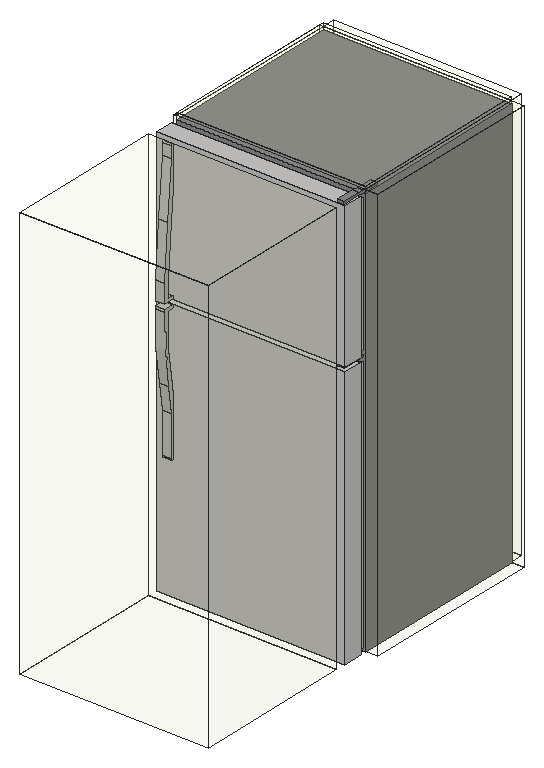
Revit family "WRT549SZDM_030c_Refrigeration_Top_Mount", category Specialty Equipment, Revit 2026
Family settings
  Round Connector Dimension = Use Diameter
  Part Type = Normal
  Work Plane-Based = No
  Enable Cutting in Views = No
  Always vertical = Yes
  Cut with Voids When Loaded = No
  Maintain Annotation Orientation = No
  Shared = No
  Room Calculation Point = No
Parameters (values of type "WRT549SZDM")
  Width = 29 3/4"
  Warranty Duration (Years) = "One year limited"
  Voltage = 120 V
  URL = "https://www.whirlpool.com/kitchen/refrigeration/refrigerators/top-freezer/p.30-inch-wide-top-freezer-refrigerator-19-cu.-ft.wrt549szdm.html"
  Specification = ""
  SpecWizard = ""
  Show Clearance [instance] = yes
  Send Message = ""
  Sales Information = "https://www.whirlpool.com/kitchen/refrigeration/refrigerators/top-freezer/p.30-inch-wide-top-freezer-refrigerator-19-cu.-ft.wrt549szdm.html"
  Product Data = "https://www.whirlpool.com/content/dam/global/documents/201505/dimension-guide-W10669181-D-WH.pdf"
  Model = "WRT549FZDM"
  Manufacturer Website = ""
  Manufacturer Phone - Toll Free = ""
  Manufacturer Phone = ""
  Manufacturer Fax = ""
  Manufacturer Email = ""
  Manufacturer Address = ""
  Manufacturer = "Whirlpool"
  Maintenance Schedule (Months) = "NA"
  Leg Material = ARCAT - Metal - Steel - Black
  Installation-Fabrication = "https://www.whirlpool.com/content/dam/global/documents/201505/dimension-guide-W10669181-D-WH.pdf"
  Installation Phase = "NA"
  Height = 65 7/8"
  Handle Material = ARCAT - Metal - Steel - Grey
  HW size = 0"
  Family Name = "Top Mount Refrigerator"
  Expected Lifespan (Years) = "NA"
  Exhaust size = 0"
  Drawn By = ""
  Drain size = 0"
  Door Material = ARCAT - Metal - Steel - Stainless
  Description = "Whirlpool® 30-inch Wide Top Freezer Refrigerator - 19 cu. ft."
  Depth = 34 1/2"
  Default Elevation = 0"
  Copyright = ""
  Clearance Material = ARCAT - Clearance
  CW size = 0"
  Body Material = ARCAT - Metal - Steel - Black
  Apparent Load = 0 VA
  Amps = 15 A
Reference planes (in)
  plane 1 "Center (Front/Back)": y = 0
  plane 2: z = 0
  plane 3 "Center (Left/Right)": x = 0
  plane 4: z = 65.875
  plane 5: x = -14.875
  plane 6: x = 14.875
  plane 7: y = -2
  plane 8: y = -36.5
Forms (in)
  Extrusion 1, solid, material "ARCAT - Clearance" <- "Clearance Material", visible <- "Show Clearance", detail levels medium+fine
    sketch origin (63.95747, -180.25, 0) x (-1, 0, 0) y (0, -1, 0)
      loop
        line (49.08247, -143.75) -> (78.83247, -143.75) -> (78.83247, -118.375) -> (49.08247, -118.375) -> (49.08247, -143.75)
    from 0.5 to 65.875
  Extrusion 2, solid, material "ARCAT - Clearance" <- "Clearance Material", visible <- "Show Clearance", detail levels medium+fine
    sketch origin (63.95747, -149.5, 0) x (-1, 0, 0) y (0, -1, 0)
      loop
        line (49.08247, -149.5) -> (78.83247, -149.5) -> (78.83247, -147.5) -> (49.08247, -147.5) -> (49.08247, -149.5)
    from 0.5 to 65.875
  Extrusion 3, solid, material "ARCAT - Clearance" <- "Clearance Material", visible <- "Show Clearance", detail levels medium+fine
    sketch origin (91.95747, -164.38786, 0) x (-1, 0, 0) y (0, -1, 0)
      loop
        line (75.08247, -162.38786) -> (77.08247, -162.38786) -> (77.08247, -133.51286) -> (75.08247, -133.51286) -> (75.08247, -162.38786)
    from 0.5 to 65.875
  Extrusion 4, solid, material "ARCAT - Metal - Steel - Black" <- "Body Material"
    sketch origin (0, -3.25, 0) x (1, 0, 0) y (0, 1, 0)
      loop
        line (-14.875, 1.125) -> (-14.875, -27.625) -> (14.875, -27.625) -> (14.875, 1.125) -> (-14.875, 1.125)
    from 0.5 to 65.375
  Extrusion 5, solid, material "ARCAT - Metal - Steel - Black" <- "Body Material"
    sketch origin (-14.875, -2.125, 0) x (1, 0, 0) y (0, 0, -1)
      loop
        line (2, -0.5) -> (2, -1.5) -> (1, -1.5) -> (1, -10)
        arc (1, -10) -> (1.14645, -10.35355) -> (1.5, -10.5) r 0.5
        line (1.5, -10.5) -> (28.25, -10.5)
        arc (28.25, -10.5) -> (28.60355, -10.35355) -> (28.75, -10) r 0.5
        line (28.75, -10) -> (28.75, -1.5) -> (27.75, -1.5) -> (27.75, -0.5) -> (2, -0.5)
    from 0 to 0.125
  Extrusion 6, solid, material "ARCAT - Metal - Steel - Black" <- "Body Material"
    sketch origin (-27.7996, -2, -9.83077) x (1, 0, 0) y (0, 0, -1)
      loop
        circle (27.7996, -11.70577) r 0.25
    from 0 to 0.03125
  Extrusion 7, solid, material "ARCAT - Metal - Steel - Black" <- "Leg Material"
    sketch origin (4.68238, 17.14858, 0.5) x (1, 0, 0) y (0, -1, 0)
      loop
        circle (-17.05738, 21.14858) r 0.75
    from 0 to 0.5
  Extrusion 8, solid, material "ARCAT - Metal - Steel - Black" <- "Leg Material"
    sketch origin (-4.68238, 17.14858, 0.5) x (1, 0, 0) y (0, -1, 0)
      loop
        circle (17.05738, 21.14858) r 0.75
    from 0 to 0.5
  Extrusion 9, solid, material "ARCAT - Metal - Steel - Black" <- "Leg Material"
    sketch origin (4.68238, -6.72642, 0.5) x (1, 0, 0) y (0, -1, 0)
      loop
        circle (-17.05738, 22.39858) r 0.75
    from 0 to 0.5
  Extrusion 10, solid, material "ARCAT - Metal - Steel - Black" <- "Leg Material"
    sketch origin (-4.68238, -6.72642, 0.5) x (1, 0, 0) y (0, -1, 0)
      loop
        circle (17.05738, 22.39858) r 0.75
    from 0 to 0.5
  Extrusion 11, solid, material "ARCAT - Metal - Steel - Black" <- "Body Material"
    sketch origin (-15.5, -2.25, 0) x (1, 0, 0) y (0, 0, -1)
      loop
        line (29.375, -0.5) -> (29.375, -64.375) -> (1.625, -64.375) -> (1.625, -0.5) -> (0.625, -0.5) -> (0.625, -65.375) -> (30.375, -65.375) -> (30.375, -0.5) -> (29.375, -0.5)
    from 0.125 to 0.25
  Extrusion 12, solid, material "ARCAT - Clearance" <- "Clearance Material", visible <- "Show Clearance", detail levels medium+fine
    sketch origin (60.20747, -164.38786, 0) x (-1, 0, 0) y (0, -1, 0)
      loop
        line (75.08247, -162.38786) -> (75.58247, -162.38786) -> (75.58247, -133.51286) -> (75.08247, -133.51286) -> (75.08247, -162.38786)
    from 0.5 to 65.875
  Extrusion 13, solid, material "ARCAT - Clearance" <- "Clearance Material", visible <- "Show Clearance", detail levels medium+fine
    sketch origin (-43.0625, -164.38786, -9.20747) x (0, 0, 1) y (0, -1, 0)
      loop
        line (75.08247, -162.38786) -> (75.58247, -162.38786) -> (75.58247, -133.51286) -> (75.08247, -133.51286) -> (75.08247, -162.38786)
    from 28.1875 to 57.9375
  Extrusion 14, solid, material "ARCAT - Metal - Steel - Grey" <- "Handle Material"
    sketch origin (-13.8125, -4.875, 38.625) x (0, 0, 1) y (0, 1, 0)
      loop
        line (4, -30) -> (4, -31.625) -> (6.91825, -31.625)
        arc (6.91825, -31.625) -> (11.13159, -31.4722) -> (15.32279, -31.01462) r 58.16799
        arc (15.32279, -31.01462) -> (19.6529, -30.50823) -> (24.00487, -30.25) r 76.29092
        arc (24.00487, -30.25) -> (24.87987, -30.23657) -> (25.75487, -30.25) r 28.51545
        arc (25.75487, -30.25) -> (25.93391, -30.17904) -> (26.00487, -30) r 0.24267
        line (26.00487, -30) -> (19.72535, -30)
        arc (19.72535, -30) -> (17.48414, -30.22711) -> (15.25055, -30.51987) r 76.79092
        arc (15.25055, -30.51987) -> (11.09537, -30.97352) -> (6.91825, -31.125) r 57.66799
        line (6.91825, -31.125) -> (4.5, -31.125) -> (4.5, -30) -> (4, -30)
    from 0 to -1.5
  Extrusion 15, solid, material "ARCAT - Metal - Steel - Grey" <- "Handle Material"
    sketch origin (-13.8125, -4.875, 46.25) x (0, 0, -1) y (0, -1, 0)
      loop
        line (4.375, 30) -> (4.875, 30) -> (4.875, 31.12982)
        arc (4.875, 31.12982) -> (10.23688, 31.03828) -> (15.54569, 30.28021) r 43.00949
        arc (15.54569, 30.28021) -> (16.33919, 30.12821) -> (17.13688, 30) r 27.01422
        line (17.13688, 30) -> (26.37987, 30)
        arc (26.37987, 30) -> (26.31023, 30.18036) -> (26.12987, 30.25) r 0.23871
        arc (26.12987, 30.25) -> (22.9345, 30.17251) -> (19.73913, 30.25) r 65.9248
        arc (19.73913, 30.25) -> (17.68299, 30.43021) -> (15.64709, 30.76982) r 26.51422
        arc (15.64709, 30.76982) -> (10.24451, 31.53925) -> (4.78812, 31.62635) r 43.50949
        arc (4.78812, 31.62635) -> (4.58156, 31.62152) -> (4.375, 31.62635) r 4.41619
        line (4.375, 31.62635) -> (4.375, 30)
    from 0 to -1.5
  Extrusion 16, solid, material "ARCAT - Metal - Steel - Stainless" <- "Door Material"
    sketch origin (0, -7, 58.5) x (1, 0, 0) y (0, 1, 0)
      loop
        line (-14.875, -24.875) -> (-14.875, -27.875) -> (14.875, -27.875) -> (14.875, -24.875) -> (-14.875, -24.875)
    from -15.875 to 6.875
  Extrusion 17, solid, material "ARCAT - Metal - Steel - Stainless" <- "Door Material"
    sketch origin (0, -7, 35.5) x (1, 0, 0) y (0, 1, 0)
      loop
        line (-14.875, -24.875) -> (-14.875, -27.875) -> (14.875, -27.875) -> (14.875, -24.875) -> (-14.875, -24.875)
    from -35 to 6.375
  Extrusion 18, solid, material "ARCAT - Metal - Steel - Black" <- "Body Material"
    sketch origin (0.5, -7, 65.375) x (1, 0, 0) y (0, 1, 0)
      loop
        circle (13.625, -26.8125) r 0.25
    from 0 to 0.125
  Extrusion 19, solid, material "ARCAT - Metal - Steel - Black" <- "Body Material"
    sketch origin (13.625, 1.5, 48) x (0, 1, 0) y (0, 0, 1)
      loop
        line (-36.375, 17.5) -> (-33.375, 17.5)
        arc (-33.375, 17.5) -> (-32.87111, 17.46863) -> (-32.375, 17.375) r 4.0625
        line (-32.375, 17.375) -> (-29.83968, 17.375) -> (-29.83968, 17.75) -> (-32.375, 17.75)
        arc (-32.375, 17.75) -> (-32.87111, 17.84363) -> (-33.375, 17.875) r 4.0625
        line (-33.375, 17.875) -> (-36.375, 17.875) -> (-36.375, 17.5)
    from 0 to 1
  Extrusion 20, solid, material "ARCAT - Metal - Steel - Black" <- "Body Material"
    sketch origin (0.28125, -7, 42.125) x (1, 0, 0) y (0, 1, 0)
      loop
        circle (13.625, -26.8125) r 0.25
    from -0.25 to 0.5
  Extrusion 21, solid, material "ARCAT - Metal - Steel - Black" <- "Body Material"
    sketch origin (13.40625, 1.5, 24.5625) x (0, 1, 0) y (0, 0, 1)
      loop
        line (-35.93026, 17.5) -> (-32.375, 17.5) -> (-32.375, 17.875) -> (-35.93026, 17.875) -> (-35.93026, 17.5)
    from 0 to 1
  Extrusion 22, solid, material "ARCAT - Metal - Steel - Stainless" <- "Door Material"
    sketch origin (0, -7, 58.5) x (1, 0, 0) y (0, 1, 0)
      loop
        line (14.375, -23.875) -> (-14.375, -23.875) -> (-14.375, -24.875) -> (14.375, -24.875) -> (14.375, -23.875)
    from -15.375 to 6.125
  Extrusion 23, solid, material "ARCAT - Metal - Steel - Stainless" <- "Door Material"
    sketch origin (0, -7, 35.5) x (1, 0, 0) y (0, 1, 0)
      loop
        line (14.375, -23.875) -> (-14.375, -23.875) -> (-14.375, -24.875) -> (14.375, -24.875) -> (14.375, -23.875)
    from -34.5 to 5.875
Cuts and joins
  joined: Extrusion 4, Extrusion 11
Lines and regions (in)
  model lines
    curve 1: line (10.5, -2, 2.125) -> (10.5, -2, 9.75)
    curve 2: line (12.29009, -2, 9.75) -> (12.29009, -2, 2.125)
    curve 3: line (12.29009, -2, 2.125) -> (10.5, -2, 2.125)
    curve 7: line (10.5, -2, 9.75) -> (12.29009, -2, 9.75)
    curve 8: line (8.25, -2, 2.125) -> (8.25, -2, 9.75)
    curve 9: line (10.04009, -2, 9.75) -> (10.04009, -2, 2.125)
    curve 10: line (10.04009, -2, 2.125) -> (8.25, -2, 2.125)
    curve 11: line (8.25, -2, 9.75) -> (10.04009, -2, 9.75)
    curve 12: line (6, -2, 2.125) -> (6, -2, 9.75)
    curve 13: line (7.79009, -2, 9.75) -> (7.79009, -2, 2.125)
    curve 14: line (7.79009, -2, 2.125) -> (6, -2, 2.125)
    curve 15: line (6, -2, 9.75) -> (7.79009, -2, 9.75)
    curve 16: line (-11.99733, -2, 2.125) -> (-11.99733, -2, 9.75)
    curve 17: line (-9.95724, -2, 9.75) -> (-9.95724, -2, 2.125)
    curve 18: line (-9.95724, -2, 2.125) -> (-11.99733, -2, 2.125)
    curve 19: line (-11.99733, -2, 9.75) -> (-9.95724, -2, 9.75)
    curve 20: line (-9.62233, -2, 2.125) -> (-9.62233, -2, 9.75)
    curve 21: line (-7.58224, -2, 9.75) -> (-7.58224, -2, 2.125)
    curve 22: line (-7.58224, -2, 2.125) -> (-9.62233, -2, 2.125)
    curve 23: line (-9.62233, -2, 9.75) -> (-7.58224, -2, 9.75)
    curve 24: circle (-9.812, -2.125, 62.0969) r 0.5 normal (0, 1, 0)
  symbolic lines
    curve 4: line (-14.875, -2, 0) -> (14.875, -2, 0)
    curve 5: line (-14.875, -34.875, 0) -> (-14.875, -2, 0)
    curve 6: line (14.875, -2, 0) -> (14.875, -34.875, 0)
  symbolic lines, style "SpecialityEquipment"
    curve 25: line (-14.875, -34.875, 65.75) -> (14.875, -34.875, 65.75)
    curve 26: line (-13.8125, -34.875, 65.75) -> (-13.8125, -36.5, 65.75)
    curve 27: line (-13.8125, -36.5, 65.75) -> (-12.3125, -36.5, 65.75)
    curve 28: line (-12.3125, -36.5, 65.75) -> (-12.3125, -34.875, 65.75)
Dimensions and locks (in)
  "Height": plane 4 to plane 2
  equal spacing: plane 5, plane 3 "Center (Left/Right)", plane 6
  "Width": plane 5 to plane 6
  "Depth": plane 8 to plane 7
  aligned and locked: plane 2 to level
Automatic sketch dimensions
  curve 5 to plane 5 = 0"
  curve 6 to plane 6 = 0"
  plane 7 to curve 5 = 0"
  curve 6 to plane 8 = 1 5/8"
  curve 5 to plane 8 = 1 5/8"
  Extrusion 1 sketch curve to plane 6 = 0"
  Extrusion 1 sketch curve to plane 5 = 0"
  plane 8 to Extrusion 1 sketch curve = 0"
  plane 8 to Extrusion 1 sketch curve = 25 3/8"
  Extrusion 2 sketch curve to plane 6 = 0"
  Extrusion 2 sketch curve to plane 5 = 0"
  plane 1 "Center (Front/Back)" to Extrusion 2 sketch curve = 0"
  plane 7 to Extrusion 2 sketch curve = 0"
  Extrusion 3 sketch curve to plane 8 = 5 5/8"
  plane 7 to Extrusion 3 sketch curve = 0"
  Extrusion 3 sketch curve to plane 6 = 0"
  Extrusion 3 sketch curve to plane 6 = 2"
  Extrusion 4 sketch curve to plane 5 = 0"
  Extrusion 4 sketch curve to plane 6 = 0"
  Extrusion 4 sketch curve to plane 8 = 5 5/8"
  plane 7 to Extrusion 4 sketch curve = 1/8"
  Extrusion 5 sketch curve to Extrusion 4 = 0"
  Extrusion 5 sketch curve to Extrusion 4 = 1"
  Extrusion 5 sketch curve to Extrusion 5 sketch curve = 1/2"  (x2)
  Extrusion 5 sketch curve to Extrusion 5 sketch curve = 1"
  Extrusion 5 sketch curve to Extrusion 4 = 2"
  Extrusion 5 sketch curve to Extrusion 4 = 1 1/2"
  Extrusion 4 to Extrusion 5 sketch curve = 1"  (x2)
  Extrusion 5 sketch curve to Extrusion 5 sketch curve = 8 1/2"
  plane 6 to Extrusion 6 sketch curve = 14 7/8"
  level to Extrusion 6 sketch curve = 1 7/8"
  curve 16 to Extrusion 5 = 0.87767"
  curve 17 to Extrusion 5 = 5/8"
  curve 16 to curve 17 = 2.04009"
  curve 17 to curve 20 = 0.33491"
  curve 21 to Extrusion 5 = 5/8"
  curve 20 to curve 21 = 2.04009"
  curve 12 to Extrusion 5 = 3/4"
  curve 12 to Extrusion 5 = 6 7/8"
  curve 14 to Extrusion 5 = 5/8"
  curve 12 to curve 14 = 1.79009"
  curve 13 to curve 11 = 0.45991"
  curve 9 to Extrusion 5 = 3/4"
  curve 8 to curve 9 = 1.79009"
  curve 9 to curve 1 = 0.45991"
  curve 2 to Extrusion 5 = 0.58491"
  curve 19 to Extrusion 5 = 3/4"
  curve 7 to Extrusion 5 = 3/4"
  curve 20 to curve 17 = 0"
  curve 10 to curve 13 = 0"
  curve 3 to curve 9 = 0"
  plane 5 to Extrusion 7 sketch curve = 2 1/2"
  plane 7 to Extrusion 7 sketch curve = 2"
  plane 6 to Extrusion 8 sketch curve = 2 1/2"
  plane 7 to Extrusion 8 sketch curve = 2"
  plane 5 to Extrusion 9 sketch curve = 2 1/2"
  Extrusion 9 sketch curve to plane 8 = 7 3/8"
  plane 6 to Extrusion 10 sketch curve = 2 1/2"
  Extrusion 10 sketch curve to plane 8 = 7 3/8"
  Extrusion 12 sketch curve to plane 5 = 0"
  plane 7 to Extrusion 12 sketch curve = 0"
  Extrusion 12 sketch curve to Extrusion 12 sketch curve = 1/2"
  Extrusion 12 sketch curve to plane 8 = 5 5/8"
  plane 4 to Extrusion 13 sketch curve = 0"
  Extrusion 13 sketch curve to plane 8 = 5 5/8"
  Extrusion 13 sketch curve to plane 7 = 0"
  Extrusion 13 sketch curve to Extrusion 13 sketch curve = 1/2"
  Extrusion 14 sketch curve to Extrusion 14 sketch curve = 0"  (x6)
  Extrusion 14 sketch curve to plane 8 = 0"
  plane 4 to Extrusion 14 sketch curve = 23 1/4"
  Extrusion 14 sketch curve to Extrusion 14 sketch curve = 1/2"
  Extrusion 14 sketch curve to Extrusion 14 sketch curve = 2.41825"
  Extrusion 14 sketch curve to plane 8 = 1 5/8"
  plane 4 to Extrusion 14 sketch curve = 7.52465"
  plane 4 to Extrusion 14 sketch curve = 2.37013"
  plane 4 to Extrusion 14 sketch curve = 1.48769"
  Extrusion 14 sketch curve to Extrusion 14 sketch curve = 0.24255"
  plane 4 to Extrusion 14 sketch curve = 0.90414"
  plane 8 to Extrusion 14 sketch curve = 27.12702"
  Extrusion 14 sketch curve to Extrusion 14 sketch curve = 47.75297"
  Extrusion 14 sketch curve to plane 8 = 1/2"
  Extrusion 14 sketch curve to Extrusion 14 sketch curve = 0.00745"
  Extrusion 14 sketch curve to Extrusion 14 sketch curve = 1 1/8"
  Extrusion 14 sketch curve to plane 1 "Center (Front/Back)" = 21.66799"
  Extrusion 15 sketch curve to Extrusion 15 sketch curve = 0"  (x7)
  plane 8 to Extrusion 15 sketch curve = 0.00135"
  plane 4 to Extrusion 15 sketch curve = 24"
  Extrusion 15 sketch curve to Extrusion 15 sketch curve = 0.20656"
  Extrusion 15 sketch curve to Extrusion 15 sketch curve = 1/2"
  Extrusion 15 sketch curve to plane 1 "Center (Front/Back)" = 6.96052"
  plane 4 to Extrusion 15 sketch curve = 26.4482"
  Extrusion 15 sketch curve to plane 8 = 1 5/8"  (x2)
  Extrusion 15 sketch curve to Extrusion 15 sketch curve = 12.26188"
  level to Extrusion 15 sketch curve = 25.22573"
  level to Extrusion 15 sketch curve = 23.3155"
  Extrusion 15 sketch curve to plane 8 = 1.61343"
  Extrusion 15 sketch curve to Extrusion 15 sketch curve = 9.00455"
  Extrusion 15 sketch curve to Extrusion 15 sketch curve = 0.23843"
  Extrusion 15 sketch curve to plane 8 = 0.49518"
  plane 8 to Extrusion 15 sketch curve = 4.41271"
  plane 8 to Extrusion 15 sketch curve = 25.10806"
  Extrusion 15 sketch curve to Extrusion 15 sketch curve = 39.36426"
  Extrusion 16 sketch curve to plane 5 = 0"
  Extrusion 16 sketch curve to plane 6 = 0"
  Extrusion 16 sketch curve to plane 8 = 1 5/8"
  Extrusion 16 sketch curve to Extrusion 16 sketch curve = 3"
  Extrusion 17 sketch curve to plane 5 = 0"
  Extrusion 17 sketch curve to plane 6 = 0"
  Extrusion 17 sketch curve to plane 8 = 1 5/8"
  Extrusion 17 sketch curve to Extrusion 17 sketch curve = 3"
  Extrusion 18 sketch curve to Extrusion 16 = 1 1/16"
  plane 6 to Extrusion 20 sketch curve = 31/32"
  Extrusion 20 sketch curve to plane 8 = 2 11/16"
  Extrusion 21 sketch curve to plane 8 = 2.06974"
  Extrusion 21 sketch curve to Extrusion 21 sketch curve = 3.55526"
  plane 4 to Extrusion 21 sketch curve = 23 13/16"
  Extrusion 21 sketch curve to Extrusion 21 sketch curve = 3/8"
  curve 24 to Extrusion 4 = 5.063"
  Extrusion 4 to curve 24 = 3.2781"
  plane 5 to Extrusion 22 sketch curve = 1/2"
  plane 5 to Extrusion 23 sketch curve = 1/2"
  plane 6 to Extrusion 22 sketch curve = 1/2"
  Extrusion 22 sketch curve to Extrusion 22 sketch curve = 1"
  Extrusion 22 sketch curve to plane 8 = 4 5/8"
  plane 6 to Extrusion 23 sketch curve = 1/2"
  Extrusion 23 sketch curve to Extrusion 23 sketch curve = 1"
  Extrusion 23 sketch curve to plane 8 = 4 5/8"
  Extrusion 18 sketch curve to Extrusion 16 = 3/4"
  curve 25 to plane 5 = 0"
  plane 8 to curve 28 = 0"
  curve 25 to plane 6 = 0"
  plane 5 to curve 26 = 1 1/16"
  curve 26 to curve 27 = 1 1/2"
  curve 26 to curve 26 = 1 5/8"
  curve 25 to plane 8 = 1 5/8"
  curve 26 to curve 28 = 0"
  Extrusion 11 sketch curve to plane 5 = 0"
  plane 6 to Extrusion 11 sketch curve = 0"
  plane 5 to Extrusion 11 sketch curve = 1"
  plane 6 to Extrusion 11 sketch curve = 1"
  plane 4 to Extrusion 11 sketch curve = 1/2"
  Extrusion 11 sketch curve to Extrusion 11 sketch curve = 1"
  level to Extrusion 11 sketch curve = 1/2"  (x2)
  plane 4 to Extrusion 19 sketch curve = 0"
  Extrusion 19 sketch curve to Extrusion 19 sketch curve = 2.53532"
  Extrusion 19 sketch curve to Extrusion 19 sketch curve = 1/8"
  plane 4 to Extrusion 19 sketch curve = 3/8"
  Extrusion 19 sketch curve to Extrusion 19 sketch curve = 3/8"
  Extrusion 19 sketch curve to plane 8 = 1 5/8"
  Extrusion 19 sketch curve to Extrusion 19 sketch curve = 3"
  Extrusion 19 sketch curve to Extrusion 19 sketch curve = 0"  (x2)
  Extrusion 19 sketch curve to Extrusion 19 sketch curve = 1"
  radius of Extrusion 6 sketch curve = 1/4"
  radius of Extrusion 7 sketch curve = 3/4"
  radius of Extrusion 8 sketch curve = 3/4"
  radius of Extrusion 9 sketch curve = 3/4"
  radius of Extrusion 10 sketch curve = 3/4"
  radius of Extrusion 18 sketch curve = 1/4"
  radius of Extrusion 20 sketch curve = 1/4"
  radius of curve 24 = 1/2"
Connectors (in)
  electrical at (0, -1.96875, 1.875), driven by "Voltage", driven by "Apparent Load"
    settings: on Extrusion 6, index 5, voltage 120 V, apparent load 0 VA, apparent load phase1 0 VA, apparent load phase2 0 VA, apparent load phase3 0 VA, power factor 1, load classification "Other", number of poles 1, system type 30, power factor state 1, is connector primary yes, connector utility no, sub classification motor no, connector description "Electrical Connection"
